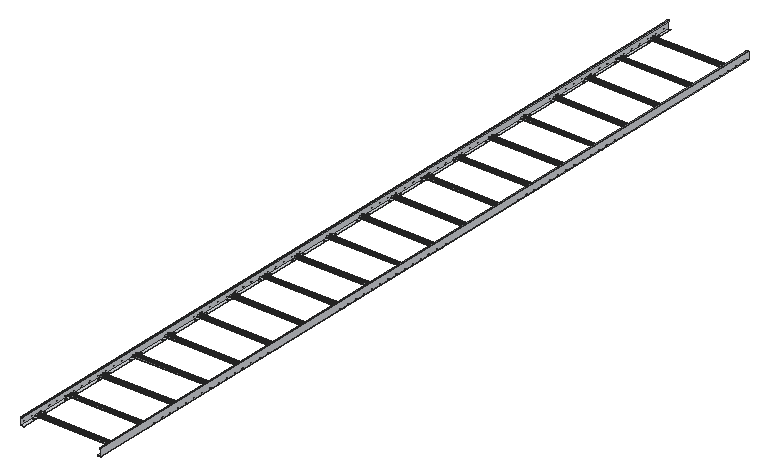
Revit family "Kabelleiter,Sprosse gelocht, geschweißt-LCIS 660 6 FS,FT,A2,A4", category Generic Models, Revit 2017 (continued)
Forms (mm)
  Extrusion 162, solid, material "Stainless steel, A4" <- "Material"
    sketch origin (0, 0, 0) x (0, 1, 0) y (0, 0, 1)
      loop
        line (141.515, 14) -> (135.3, 14)
        arc (135.3, 14) -> (133.32, 13.18) -> (132.5, 11.2) r 2.8
        line (132.5, 11.2) -> (132.5, 4.23)
        arc (132.5, 4.23) -> (133.32, 2.25) -> (135.3, 1.43) r 2.8
        line (135.3, 1.43) -> (157.968, 1.43) -> (164.7, 1.43)
        arc (164.7, 1.43) -> (166.68, 2.25) -> (167.5, 4.23) r 2.8
        line (167.5, 4.23) -> (167.5, 11.2)
        arc (167.5, 11.2) -> (166.68, 13.18) -> (164.7, 14) r 2.8
        line (164.7, 14) -> (158.475, 14) -> (158.475, 12.5) -> (164.5, 12.5)
        arc (164.5, 12.5) -> (165.561, 12.061) -> (166, 11) r 1.5
        line (166, 11) -> (166, 4.43)
        arc (166, 4.43) -> (165.561, 3.37) -> (164.5, 2.93) r 1.5
        line (164.5, 2.93) -> (157.968, 2.93) -> (135.5, 2.93)
        arc (135.5, 2.93) -> (134.439, 3.37) -> (134, 4.43) r 1.5
        line (134, 4.43) -> (134, 11)
        arc (134, 11) -> (134.439, 12.061) -> (135.5, 12.5) r 1.5
        line (135.5, 12.5) -> (141.515, 12.5) -> (141.515, 14)
    from -298.5 to 298.5
  Extrusion 163, void, not visible
    sketch origin (0, 0, 0) x (1, 0, 0) y (0, 1, 0)
      loop
        arc (-264.5, 148.5) -> (-260, 144) -> (-255.5, 148.5) r 4.5
        line (-255.5, 148.5) -> (-255.5, 151.5)
        arc (-255.5, 151.5) -> (-260, 156) -> (-264.5, 151.5) r 4.5
        line (-264.5, 151.5) -> (-264.5, 148.5)
    from 1.384 to 2.927
  Extrusion 164, solid, not visible
    sketch origin (0, 0, 0) x (0, 1, 0) y (0, 0, 1)
      loop
        line (141.515, 14) -> (135.3, 14)
        arc (135.3, 14) -> (133.32, 13.18) -> (132.5, 11.2) r 2.8
        line (132.5, 11.2) -> (132.5, 4.23)
        arc (132.5, 4.23) -> (133.32, 2.25) -> (135.3, 1.43) r 2.8
        line (135.3, 1.43) -> (157.968, 1.43) -> (164.7, 1.43)
        arc (164.7, 1.43) -> (166.68, 2.25) -> (167.5, 4.23) r 2.8
        line (167.5, 4.23) -> (167.5, 11.2)
        arc (167.5, 11.2) -> (166.68, 13.18) -> (164.7, 14) r 2.8
        line (164.7, 14) -> (158.475, 14) -> (158.475, 12.5) -> (164.5, 12.5)
        arc (164.5, 12.5) -> (165.561, 12.061) -> (166, 11) r 1.5
        line (166, 11) -> (166, 4.43)
        arc (166, 4.43) -> (165.561, 3.37) -> (164.5, 2.93) r 1.5
        line (164.5, 2.93) -> (157.968, 2.93) -> (135.5, 2.93)
        arc (135.5, 2.93) -> (134.439, 3.37) -> (134, 4.43) r 1.5
        line (134, 4.43) -> (134, 11)
        arc (134, 11) -> (134.439, 12.061) -> (135.5, 12.5) r 1.5
        line (135.5, 12.5) -> (141.515, 12.5) -> (141.515, 14)
    from -298.5 to 298.5
  Extrusion 165, solid, not visible
    sketch origin (0, 0, 0) x (0, 1, 0) y (0, 0, 1)
      loop
        line (141.515, 14) -> (135.3, 14)
        arc (135.3, 14) -> (133.32, 13.18) -> (132.5, 11.2) r 2.8
        line (132.5, 11.2) -> (132.5, 4.23)
        arc (132.5, 4.23) -> (133.32, 2.25) -> (135.3, 1.43) r 2.8
        line (135.3, 1.43) -> (157.968, 1.43) -> (164.7, 1.43)
        arc (164.7, 1.43) -> (166.68, 2.25) -> (167.5, 4.23) r 2.8
        line (167.5, 4.23) -> (167.5, 11.2)
        arc (167.5, 11.2) -> (166.68, 13.18) -> (164.7, 14) r 2.8
        line (164.7, 14) -> (158.475, 14) -> (158.475, 12.5) -> (164.5, 12.5)
        arc (164.5, 12.5) -> (165.561, 12.061) -> (166, 11) r 1.5
        line (166, 11) -> (166, 4.43)
        arc (166, 4.43) -> (165.561, 3.37) -> (164.5, 2.93) r 1.5
        line (164.5, 2.93) -> (157.968, 2.93) -> (135.5, 2.93)
        arc (135.5, 2.93) -> (134.439, 3.37) -> (134, 4.43) r 1.5
        line (134, 4.43) -> (134, 11)
        arc (134, 11) -> (134.439, 12.061) -> (135.5, 12.5) r 1.5
        line (135.5, 12.5) -> (141.515, 12.5) -> (141.515, 14)
    from -298.5 to 298.5
  Extrusion 166, void, not visible
    sketch origin (0, 0, 0) x (1, 0, 0) y (0, 1, 0)
      loop
        arc (-264.5, 148.5) -> (-260, 144) -> (-255.5, 148.5) r 4.5
        line (-255.5, 148.5) -> (-255.5, 151.5)
        arc (-255.5, 151.5) -> (-260, 156) -> (-264.5, 151.5) r 4.5
        line (-264.5, 151.5) -> (-264.5, 148.5)
    from 1.384 to 2.927
  Extrusion 167, void, not visible
    sketch origin (520, 0, 0) x (1, 0, 0) y (0, 1, 0)
      loop
        arc (-264.5, 148.5) -> (-260, 144) -> (-255.5, 148.5) r 4.5
        line (-255.5, 148.5) -> (-255.5, 151.5)
        arc (-255.5, 151.5) -> (-260, 156) -> (-264.5, 151.5) r 4.5
        line (-264.5, 151.5) -> (-264.5, 148.5)
    from 1.384 to 2.927
  Extrusion 168, void
    sketch origin (0, 0, 0) x (1, 0, 0) y (0, 1, 0)
      loop
        arc (-264.5, 148.475) -> (-260, 143.975) -> (-255.5, 148.475) r 4.5
        line (-255.5, 148.475) -> (-255.5, 151.475)
        arc (-255.5, 151.475) -> (-260, 155.975) -> (-264.5, 151.475) r 4.5
        line (-264.5, 151.475) -> (-264.5, 148.475)
      loop
        arc (-244, 157.975) -> (-244.354, 157.828) -> (-244.5, 157.475) r 0.5
        line (-244.5, 157.475) -> (-244.5, 142.515)
        arc (-244.5, 142.515) -> (-244.354, 142.162) -> (-244, 142.015) r 0.5
        line (-244, 142.015) -> (-236, 142.015)
        arc (-236, 142.015) -> (-235.646, 142.162) -> (-235.5, 142.515) r 0.5
        line (-235.5, 142.515) -> (-235.5, 157.446)
        arc (-235.5, 157.446) -> (-235.655, 157.82) -> (-236.029, 157.975) r 0.529
        line (-236.029, 157.975) -> (-244, 157.975)
      loop
        arc (-222.967, 157.975) -> (-223.321, 157.828) -> (-223.467, 157.475) r 0.5
        line (-223.467, 157.475) -> (-223.467, 142.515)
        arc (-223.467, 142.515) -> (-223.321, 142.162) -> (-222.967, 142.015) r 0.5
        line (-222.967, 142.015) -> (-216.967, 142.015)
        arc (-216.967, 142.015) -> (-216.614, 142.162) -> (-216.467, 142.515) r 0.5
        line (-216.467, 142.515) -> (-216.467, 157.475)
        arc (-216.467, 157.475) -> (-216.614, 157.828) -> (-216.967, 157.975) r 0.5
        line (-216.967, 157.975) -> (-222.967, 157.975)
      loop
        arc (-205, 157.975) -> (-205.354, 157.828) -> (-205.5, 157.475) r 0.5
        line (-205.5, 157.475) -> (-205.5, 142.515)
        arc (-205.5, 142.515) -> (-205.354, 142.162) -> (-205, 142.015) r 0.5
        line (-205, 142.015) -> (-195, 142.015)
        arc (-195, 142.015) -> (-194.646, 142.162) -> (-194.5, 142.515) r 0.5
        line (-194.5, 142.515) -> (-194.5, 157.475)
        arc (-194.5, 157.475) -> (-194.646, 157.828) -> (-195, 157.975) r 0.5
        line (-195, 157.975) -> (-205, 157.975)
      loop
        arc (-183, 157.975) -> (-183.354, 157.828) -> (-183.5, 157.475) r 0.5
        line (-183.5, 157.475) -> (-183.5, 142.515)
        arc (-183.5, 142.515) -> (-183.354, 142.162) -> (-183, 142.015) r 0.5
        line (-183, 142.015) -> (-177, 142.015)
        arc (-177, 142.015) -> (-176.646, 142.162) -> (-176.5, 142.515) r 0.5
        line (-176.5, 142.515) -> (-176.5, 157.475)
        arc (-176.5, 157.475) -> (-176.646, 157.828) -> (-177, 157.975) r 0.5
        line (-177, 157.975) -> (-183, 157.975)
      loop
        arc (-165, 157.975) -> (-165.354, 157.828) -> (-165.5, 157.475) r 0.5
        line (-165.5, 157.475) -> (-165.5, 142.515)
        arc (-165.5, 142.515) -> (-165.354, 142.162) -> (-165, 142.015) r 0.5
        line (-165, 142.015) -> (-155, 142.015)
        arc (-155, 142.015) -> (-154.646, 142.162) -> (-154.5, 142.515) r 0.5
        line (-154.5, 142.515) -> (-154.5, 157.475)
        arc (-154.5, 157.475) -> (-154.646, 157.828) -> (-155, 157.975) r 0.5
        line (-155, 157.975) -> (-165, 157.975)
      loop
        arc (-145, 157.975) -> (-145.354, 157.828) -> (-145.5, 157.475) r 0.5
        line (-145.5, 157.475) -> (-145.5, 142.515)
        arc (-145.5, 142.515) -> (-145.354, 142.162) -> (-145, 142.015) r 0.5
        line (-145, 142.015) -> (-135, 142.015)
        arc (-135, 142.015) -> (-134.646, 142.162) -> (-134.5, 142.515) r 0.5
        line (-134.5, 142.515) -> (-134.5, 157.475)
        arc (-134.5, 157.475) -> (-134.646, 157.828) -> (-135, 157.975) r 0.5
        line (-135, 157.975) -> (-145, 157.975)
      loop
        arc (-122.979, 157.975) -> (-123.333, 157.828) -> (-123.479, 157.475) r 0.5
        line (-123.479, 157.475) -> (-123.479, 142.515)
        arc (-123.479, 142.515) -> (-123.333, 142.162) -> (-122.979, 142.015) r 0.5
        line (-122.979, 142.015) -> (-116.979, 142.015)
        arc (-116.979, 142.015) -> (-116.626, 142.162) -> (-116.479, 142.515) r 0.5
        line (-116.479, 142.515) -> (-116.479, 157.475)
        arc (-116.479, 157.475) -> (-116.626, 157.828) -> (-116.979, 157.975) r 0.5
        line (-116.979, 157.975) -> (-122.979, 157.975)
      loop
        arc (-105, 157.975) -> (-105.354, 157.828) -> (-105.5, 157.475) r 0.5
        line (-105.5, 157.475) -> (-105.5, 142.515)
        arc (-105.5, 142.515) -> (-105.354, 142.162) -> (-105, 142.015) r 0.5
        line (-105, 142.015) -> (-95, 142.015)
        arc (-95, 142.015) -> (-94.646, 142.162) -> (-94.5, 142.515) r 0.5
        line (-94.5, 142.515) -> (-94.5, 157.475)
        arc (-94.5, 157.475) -> (-94.646, 157.828) -> (-95, 157.975) r 0.5
        line (-95, 157.975) -> (-105, 157.975)
      loop
        arc (-83, 157.975) -> (-83.354, 157.828) -> (-83.5, 157.475) r 0.5
        line (-83.5, 157.475) -> (-83.5, 142.515)
        arc (-83.5, 142.515) -> (-83.354, 142.162) -> (-83, 142.015) r 0.5
        line (-83, 142.015) -> (-77, 142.015)
        arc (-77, 142.015) -> (-76.646, 142.162) -> (-76.5, 142.515) r 0.5
        line (-76.5, 142.515) -> (-76.5, 157.475)
        arc (-76.5, 157.475) -> (-76.646, 157.828) -> (-77, 157.975) r 0.5
        line (-77, 157.975) -> (-83, 157.975)
      loop
        arc (-65, 157.975) -> (-65.354, 157.828) -> (-65.5, 157.475) r 0.5
        line (-65.5, 157.475) -> (-65.5, 142.515)
        arc (-65.5, 142.515) -> (-65.354, 142.162) -> (-65, 142.015) r 0.5
        line (-65, 142.015) -> (-55, 142.015)
        arc (-55, 142.015) -> (-54.646, 142.162) -> (-54.5, 142.515) r 0.5
        line (-54.5, 142.515) -> (-54.5, 157.475)
        arc (-54.5, 157.475) -> (-54.646, 157.828) -> (-55, 157.975) r 0.5
        line (-55, 157.975) -> (-65, 157.975)
      loop
        arc (-45, 157.975) -> (-45.354, 157.828) -> (-45.5, 157.475) r 0.5
        line (-45.5, 157.475) -> (-45.5, 142.515)
        arc (-45.5, 142.515) -> (-45.354, 142.162) -> (-45, 142.015) r 0.5
        line (-45, 142.015) -> (-35, 142.015)
        arc (-35, 142.015) -> (-34.646, 142.162) -> (-34.5, 142.515) r 0.5
        line (-34.5, 142.515) -> (-34.5, 157.475)
        arc (-34.5, 157.475) -> (-34.646, 157.828) -> (-35, 157.975) r 0.5
        line (-35, 157.975) -> (-45, 157.975)
      loop
        arc (-23, 157.975) -> (-23.354, 157.828) -> (-23.5, 157.475) r 0.5
        line (-23.5, 157.475) -> (-23.5, 142.515)
        arc (-23.5, 142.515) -> (-23.354, 142.162) -> (-23, 142.015) r 0.5
        line (-23, 142.015) -> (-17, 142.015)
        arc (-17, 142.015) -> (-16.646, 142.162) -> (-16.5, 142.515) r 0.5
        line (-16.5, 142.515) -> (-16.5, 157.475)
        arc (-16.5, 157.475) -> (-16.646, 157.828) -> (-17, 157.975) r 0.5
        line (-17, 157.975) -> (-23, 157.975)
      loop
        arc (-5, 157.975) -> (-5.354, 157.828) -> (-5.5, 157.475) r 0.5
        line (-5.5, 157.475) -> (-5.5, 142.515)
        arc (-5.5, 142.515) -> (-5.354, 142.162) -> (-5, 142.015) r 0.5
        line (-5, 142.015) -> (5, 142.015)
        arc (5, 142.015) -> (5.354, 142.162) -> (5.5, 142.515) r 0.5
        line (5.5, 142.515) -> (5.5, 157.475)
        arc (5.5, 157.475) -> (5.354, 157.828) -> (5, 157.975) r 0.5
        line (5, 157.975) -> (-5, 157.975)
      loop
        arc (17.02, 157.975) -> (16.666, 157.828) -> (16.52, 157.475) r 0.5
        line (16.52, 157.475) -> (16.52, 142.515)
        arc (16.52, 142.515) -> (16.666, 142.162) -> (17.02, 142.015) r 0.5
        line (17.02, 142.015) -> (23.02, 142.015)
        arc (23.02, 142.015) -> (23.373, 142.162) -> (23.52, 142.515) r 0.5
        line (23.52, 142.515) -> (23.52, 157.475)
        arc (23.52, 157.475) -> (23.373, 157.828) -> (23.02, 157.975) r 0.5
        line (23.02, 157.975) -> (17.02, 157.975)
      loop
        arc (35, 157.975) -> (34.646, 157.828) -> (34.5, 157.475) r 0.5
        line (34.5, 157.475) -> (34.5, 142.515)
        arc (34.5, 142.515) -> (34.646, 142.162) -> (35, 142.015) r 0.5
        line (35, 142.015) -> (45, 142.015)
        arc (45, 142.015) -> (45.354, 142.162) -> (45.5, 142.515) r 0.5
        line (45.5, 142.515) -> (45.5, 157.475)
        arc (45.5, 157.475) -> (45.354, 157.828) -> (45, 157.975) r 0.5
        line (45, 157.975) -> (35, 157.975)
      loop
        arc (55, 157.975) -> (54.646, 157.828) -> (54.5, 157.475) r 0.5
        line (54.5, 157.475) -> (54.5, 142.515)
        arc (54.5, 142.515) -> (54.646, 142.162) -> (55, 142.015) r 0.5
        line (55, 142.015) -> (65, 142.015)
        arc (65, 142.015) -> (65.354, 142.162) -> (65.5, 142.515) r 0.5
        line (65.5, 142.515) -> (65.5, 157.475)
        arc (65.5, 157.475) -> (65.354, 157.828) -> (65, 157.975) r 0.5
        line (65, 157.975) -> (55, 157.975)
      loop
        arc (77, 157.975) -> (76.646, 157.828) -> (76.5, 157.475) r 0.5
        line (76.5, 157.475) -> (76.5, 142.515)
        arc (76.5, 142.515) -> (76.646, 142.162) -> (77, 142.015) r 0.5
        line (77, 142.015) -> (83, 142.015)
        arc (83, 142.015) -> (83.354, 142.162) -> (83.5, 142.515) r 0.5
        line (83.5, 142.515) -> (83.5, 157.475)
        arc (83.5, 157.475) -> (83.354, 157.828) -> (83, 157.975) r 0.5
        line (83, 157.975) -> (77, 157.975)
      loop
        arc (95, 157.975) -> (94.646, 157.828) -> (94.5, 157.475) r 0.5
        line (94.5, 157.475) -> (94.5, 142.515)
        arc (94.5, 142.515) -> (94.646, 142.162) -> (95, 142.015) r 0.5
        line (95, 142.015) -> (105, 142.015)
        arc (105, 142.015) -> (105.354, 142.162) -> (105.5, 142.515) r 0.5
        line (105.5, 142.515) -> (105.5, 157.475)
        arc (105.5, 157.475) -> (105.354, 157.828) -> (105, 157.975) r 0.5
        line (105, 157.975) -> (95, 157.975)
      loop
        arc (117, 157.975) -> (116.646, 157.828) -> (116.5, 157.475) r 0.5
        line (116.5, 157.475) -> (116.5, 142.515)
        arc (116.5, 142.515) -> (116.646, 142.162) -> (117, 142.015) r 0.5
        line (117, 142.015) -> (123, 142.015)
        arc (123, 142.015) -> (123.354, 142.162) -> (123.5, 142.515) r 0.5
        line (123.5, 142.515) -> (123.5, 157.475)
        arc (123.5, 157.475) -> (123.354, 157.828) -> (123, 157.975) r 0.5
        line (123, 157.975) -> (117, 157.975)
      loop
        arc (135, 157.975) -> (134.646, 157.828) -> (134.5, 157.475) r 0.5
        line (134.5, 157.475) -> (134.5, 142.545)
        arc (134.5, 142.545) -> (134.655, 142.17) -> (135.03, 142.015) r 0.53
        line (135.03, 142.015) -> (145, 142.015)
        arc (145, 142.015) -> (145.354, 142.162) -> (145.5, 142.515) r 0.5
        line (145.5, 142.515) -> (145.5, 157.475)
        arc (145.5, 157.475) -> (145.354, 157.828) -> (145, 157.975) r 0.5
        line (145, 157.975) -> (135, 157.975)
      loop
        arc (255.5, 148.475) -> (260, 143.975) -> (264.5, 148.475) r 4.5
        line (264.5, 148.475) -> (264.5, 151.475)
        arc (264.5, 151.475) -> (260, 155.975) -> (255.5, 151.475) r 4.5
        line (255.5, 151.475) -> (255.5, 148.475)
      loop
        arc (234.5, 142.515) -> (234.646, 142.162) -> (235, 142.015) r 0.5
        line (235, 142.015) -> (245, 142.015)
        arc (245, 142.015) -> (245.354, 142.162) -> (245.5, 142.515) r 0.5
        line (245.5, 142.515) -> (245.5, 157.475)
        arc (245.5, 157.475) -> (245.354, 157.828) -> (245, 157.975) r 0.5
        line (245, 157.975) -> (235, 157.975)
        arc (235, 157.975) -> (234.646, 157.828) -> (234.5, 157.475) r 0.5
        line (234.5, 157.475) -> (234.5, 142.515)
      loop
        arc (217, 157.975) -> (216.646, 157.828) -> (216.5, 157.475) r 0.5
        line (216.5, 157.475) -> (216.5, 142.529)
        arc (216.5, 142.529) -> (216.65, 142.166) -> (217.013, 142.015) r 0.513
        line (217.013, 142.015) -> (223, 142.015)
        arc (223, 142.015) -> (223.354, 142.162) -> (223.5, 142.515) r 0.5
        line (223.5, 142.515) -> (223.5, 157.475)
        arc (223.5, 157.475) -> (223.354, 157.828) -> (223, 157.975) r 0.5
        line (223, 157.975) -> (217, 157.975)
      loop
        arc (195, 157.975) -> (194.646, 157.828) -> (194.5, 157.475) r 0.5
        line (194.5, 157.475) -> (194.5, 142.515)
        arc (194.5, 142.515) -> (194.646, 142.162) -> (195, 142.015) r 0.5
        line (195, 142.015) -> (205, 142.015)
        arc (205, 142.015) -> (205.354, 142.162) -> (205.5, 142.515) r 0.5
        line (205.5, 142.515) -> (205.5, 157.475)
        arc (205.5, 157.475) -> (205.354, 157.828) -> (205, 157.975) r 0.5
        line (205, 157.975) -> (195, 157.975)
      loop
        arc (177, 157.975) -> (176.646, 157.828) -> (176.5, 157.475) r 0.5
        line (176.5, 157.475) -> (176.5, 142.515)
        arc (176.5, 142.515) -> (176.646, 142.162) -> (177, 142.015) r 0.5
        line (177, 142.015) -> (183, 142.015)
        arc (183, 142.015) -> (183.354, 142.162) -> (183.5, 142.515) r 0.5
        line (183.5, 142.515) -> (183.5, 157.475)
        arc (183.5, 157.475) -> (183.354, 157.828) -> (183, 157.975) r 0.5
        line (183, 157.975) -> (177, 157.975)
      loop
        arc (155, 157.975) -> (154.646, 157.828) -> (154.5, 157.475) r 0.5
        line (154.5, 157.475) -> (154.5, 142.015)
        arc (154.5, 142.015) -> (154.646, 141.662) -> (155, 141.515) r 0.5
        line (155, 141.515) -> (165, 141.515)
        arc (165, 141.515) -> (165.354, 141.662) -> (165.5, 142.015) r 0.5
        line (165.5, 142.015) -> (165.5, 157.475)
        arc (165.5, 157.475) -> (165.354, 157.828) -> (165, 157.975) r 0.5
        line (165, 157.975) -> (155, 157.975)
    from 1.441 to 2.93
  Extrusion 169, solid, material "Stainless steel, A4" <- "Material"
    sketch origin (0, 300, 0) x (0, 1, 0) y (0, 0, 1)
      loop
        line (141.515, 14) -> (135.3, 14)
        arc (135.3, 14) -> (133.32, 13.18) -> (132.5, 11.2) r 2.8
        line (132.5, 11.2) -> (132.5, 4.23)
        arc (132.5, 4.23) -> (133.32, 2.25) -> (135.3, 1.43) r 2.8
        line (135.3, 1.43) -> (157.968, 1.43) -> (164.7, 1.43)
        arc (164.7, 1.43) -> (166.68, 2.25) -> (167.5, 4.23) r 2.8
        line (167.5, 4.23) -> (167.5, 11.2)
        arc (167.5, 11.2) -> (166.68, 13.18) -> (164.7, 14) r 2.8
        line (164.7, 14) -> (158.475, 14) -> (158.475, 12.5) -> (164.5, 12.5)
        arc (164.5, 12.5) -> (165.561, 12.061) -> (166, 11) r 1.5
        line (166, 11) -> (166, 4.43)
        arc (166, 4.43) -> (165.561, 3.37) -> (164.5, 2.93) r 1.5
        line (164.5, 2.93) -> (157.968, 2.93) -> (135.5, 2.93)
        arc (135.5, 2.93) -> (134.439, 3.37) -> (134, 4.43) r 1.5
        line (134, 4.43) -> (134, 11)
        arc (134, 11) -> (134.439, 12.061) -> (135.5, 12.5) r 1.5
        line (135.5, 12.5) -> (141.515, 12.5) -> (141.515, 14)
    from -298.5 to 298.5
  Extrusion 170, void
    sketch origin (0, 300, 0) x (1, 0, 0) y (0, 1, 0)
      loop
        arc (-264.5, 148.475) -> (-260, 143.975) -> (-255.5, 148.475) r 4.5
        line (-255.5, 148.475) -> (-255.5, 151.475)
        arc (-255.5, 151.475) -> (-260, 155.975) -> (-264.5, 151.475) r 4.5
        line (-264.5, 151.475) -> (-264.5, 148.475)
      loop
        arc (-244, 157.975) -> (-244.354, 157.828) -> (-244.5, 157.475) r 0.5
        line (-244.5, 157.475) -> (-244.5, 142.515)
        arc (-244.5, 142.515) -> (-244.354, 142.162) -> (-244, 142.015) r 0.5
        line (-244, 142.015) -> (-236, 142.015)
        arc (-236, 142.015) -> (-235.646, 142.162) -> (-235.5, 142.515) r 0.5
        line (-235.5, 142.515) -> (-235.5, 157.446)
        arc (-235.5, 157.446) -> (-235.655, 157.82) -> (-236.029, 157.975) r 0.529
        line (-236.029, 157.975) -> (-244, 157.975)
      loop
        arc (-222.967, 157.975) -> (-223.321, 157.828) -> (-223.467, 157.475) r 0.5
        line (-223.467, 157.475) -> (-223.467, 142.515)
        arc (-223.467, 142.515) -> (-223.321, 142.162) -> (-222.967, 142.015) r 0.5
        line (-222.967, 142.015) -> (-216.967, 142.015)
        arc (-216.967, 142.015) -> (-216.614, 142.162) -> (-216.467, 142.515) r 0.5
        line (-216.467, 142.515) -> (-216.467, 157.475)
        arc (-216.467, 157.475) -> (-216.614, 157.828) -> (-216.967, 157.975) r 0.5
        line (-216.967, 157.975) -> (-222.967, 157.975)
      loop
        arc (-205, 157.975) -> (-205.354, 157.828) -> (-205.5, 157.475) r 0.5
        line (-205.5, 157.475) -> (-205.5, 142.515)
        arc (-205.5, 142.515) -> (-205.354, 142.162) -> (-205, 142.015) r 0.5
        line (-205, 142.015) -> (-195, 142.015)
        arc (-195, 142.015) -> (-194.646, 142.162) -> (-194.5, 142.515) r 0.5
        line (-194.5, 142.515) -> (-194.5, 157.475)
        arc (-194.5, 157.475) -> (-194.646, 157.828) -> (-195, 157.975) r 0.5
        line (-195, 157.975) -> (-205, 157.975)
      loop
        arc (-183, 157.975) -> (-183.354, 157.828) -> (-183.5, 157.475) r 0.5
        line (-183.5, 157.475) -> (-183.5, 142.515)
        arc (-183.5, 142.515) -> (-183.354, 142.162) -> (-183, 142.015) r 0.5
        line (-183, 142.015) -> (-177, 142.015)
        arc (-177, 142.015) -> (-176.646, 142.162) -> (-176.5, 142.515) r 0.5
        line (-176.5, 142.515) -> (-176.5, 157.475)
        arc (-176.5, 157.475) -> (-176.646, 157.828) -> (-177, 157.975) r 0.5
        line (-177, 157.975) -> (-183, 157.975)
      loop
        arc (-165, 157.975) -> (-165.354, 157.828) -> (-165.5, 157.475) r 0.5
        line (-165.5, 157.475) -> (-165.5, 142.515)
        arc (-165.5, 142.515) -> (-165.354, 142.162) -> (-165, 142.015) r 0.5
        line (-165, 142.015) -> (-155, 142.015)
        arc (-155, 142.015) -> (-154.646, 142.162) -> (-154.5, 142.515) r 0.5
        line (-154.5, 142.515) -> (-154.5, 157.475)
        arc (-154.5, 157.475) -> (-154.646, 157.828) -> (-155, 157.975) r 0.5
        line (-155, 157.975) -> (-165, 157.975)
      loop
        arc (-145, 157.975) -> (-145.354, 157.828) -> (-145.5, 157.475) r 0.5
        line (-145.5, 157.475) -> (-145.5, 142.515)
        arc (-145.5, 142.515) -> (-145.354, 142.162) -> (-145, 142.015) r 0.5
        line (-145, 142.015) -> (-135, 142.015)
        arc (-135, 142.015) -> (-134.646, 142.162) -> (-134.5, 142.515) r 0.5
        line (-134.5, 142.515) -> (-134.5, 157.475)
        arc (-134.5, 157.475) -> (-134.646, 157.828) -> (-135, 157.975) r 0.5
        line (-135, 157.975) -> (-145, 157.975)
      loop
        arc (-122.979, 157.975) -> (-123.333, 157.828) -> (-123.479, 157.475) r 0.5
        line (-123.479, 157.475) -> (-123.479, 142.515)
        arc (-123.479, 142.515) -> (-123.333, 142.162) -> (-122.979, 142.015) r 0.5
        line (-122.979, 142.015) -> (-116.979, 142.015)
        arc (-116.979, 142.015) -> (-116.626, 142.162) -> (-116.479, 142.515) r 0.5
        line (-116.479, 142.515) -> (-116.479, 157.475)
        arc (-116.479, 157.475) -> (-116.626, 157.828) -> (-116.979, 157.975) r 0.5
        line (-116.979, 157.975) -> (-122.979, 157.975)
      loop
        arc (-105, 157.975) -> (-105.354, 157.828) -> (-105.5, 157.475) r 0.5
        line (-105.5, 157.475) -> (-105.5, 142.515)
        arc (-105.5, 142.515) -> (-105.354, 142.162) -> (-105, 142.015) r 0.5
        line (-105, 142.015) -> (-95, 142.015)
        arc (-95, 142.015) -> (-94.646, 142.162) -> (-94.5, 142.515) r 0.5
        line (-94.5, 142.515) -> (-94.5, 157.475)
        arc (-94.5, 157.475) -> (-94.646, 157.828) -> (-95, 157.975) r 0.5
        line (-95, 157.975) -> (-105, 157.975)
      loop
        arc (-83, 157.975) -> (-83.354, 157.828) -> (-83.5, 157.475) r 0.5
        line (-83.5, 157.475) -> (-83.5, 142.515)
        arc (-83.5, 142.515) -> (-83.354, 142.162) -> (-83, 142.015) r 0.5
        line (-83, 142.015) -> (-77, 142.015)
        arc (-77, 142.015) -> (-76.646, 142.162) -> (-76.5, 142.515) r 0.5
        line (-76.5, 142.515) -> (-76.5, 157.475)
        arc (-76.5, 157.475) -> (-76.646, 157.828) -> (-77, 157.975) r 0.5
        line (-77, 157.975) -> (-83, 157.975)
      loop
        arc (-65, 157.975) -> (-65.354, 157.828) -> (-65.5, 157.475) r 0.5
        line (-65.5, 157.475) -> (-65.5, 142.515)
        arc (-65.5, 142.515) -> (-65.354, 142.162) -> (-65, 142.015) r 0.5
        line (-65, 142.015) -> (-55, 142.015)
        arc (-55, 142.015) -> (-54.646, 142.162) -> (-54.5, 142.515) r 0.5
        line (-54.5, 142.515) -> (-54.5, 157.475)
        arc (-54.5, 157.475) -> (-54.646, 157.828) -> (-55, 157.975) r 0.5
        line (-55, 157.975) -> (-65, 157.975)
      loop
        arc (-45, 157.975) -> (-45.354, 157.828) -> (-45.5, 157.475) r 0.5
        line (-45.5, 157.475) -> (-45.5, 142.515)
        arc (-45.5, 142.515) -> (-45.354, 142.162) -> (-45, 142.015) r 0.5
        line (-45, 142.015) -> (-35, 142.015)
        arc (-35, 142.015) -> (-34.646, 142.162) -> (-34.5, 142.515) r 0.5
        line (-34.5, 142.515) -> (-34.5, 157.475)
        arc (-34.5, 157.475) -> (-34.646, 157.828) -> (-35, 157.975) r 0.5
        line (-35, 157.975) -> (-45, 157.975)
      loop
        arc (-23, 157.975) -> (-23.354, 157.828) -> (-23.5, 157.475) r 0.5
        line (-23.5, 157.475) -> (-23.5, 142.515)
        arc (-23.5, 142.515) -> (-23.354, 142.162) -> (-23, 142.015) r 0.5
        line (-23, 142.015) -> (-17, 142.015)
        arc (-17, 142.015) -> (-16.646, 142.162) -> (-16.5, 142.515) r 0.5
        line (-16.5, 142.515) -> (-16.5, 157.475)
        arc (-16.5, 157.475) -> (-16.646, 157.828) -> (-17, 157.975) r 0.5
        line (-17, 157.975) -> (-23, 157.975)
      loop
        arc (-5, 157.975) -> (-5.354, 157.828) -> (-5.5, 157.475) r 0.5
        line (-5.5, 157.475) -> (-5.5, 142.515)
        arc (-5.5, 142.515) -> (-5.354, 142.162) -> (-5, 142.015) r 0.5
        line (-5, 142.015) -> (5, 142.015)
        arc (5, 142.015) -> (5.354, 142.162) -> (5.5, 142.515) r 0.5
        line (5.5, 142.515) -> (5.5, 157.475)
        arc (5.5, 157.475) -> (5.354, 157.828) -> (5, 157.975) r 0.5
        line (5, 157.975) -> (-5, 157.975)
      loop
        arc (17.02, 157.975) -> (16.666, 157.828) -> (16.52, 157.475) r 0.5
        line (16.52, 157.475) -> (16.52, 142.515)
        arc (16.52, 142.515) -> (16.666, 142.162) -> (17.02, 142.015) r 0.5
        line (17.02, 142.015) -> (23.02, 142.015)
        arc (23.02, 142.015) -> (23.373, 142.162) -> (23.52, 142.515) r 0.5
        line (23.52, 142.515) -> (23.52, 157.475)
        arc (23.52, 157.475) -> (23.373, 157.828) -> (23.02, 157.975) r 0.5
        line (23.02, 157.975) -> (17.02, 157.975)
      loop
        arc (35, 157.975) -> (34.646, 157.828) -> (34.5, 157.475) r 0.5
        line (34.5, 157.475) -> (34.5, 142.515)
        arc (34.5, 142.515) -> (34.646, 142.162) -> (35, 142.015) r 0.5
        line (35, 142.015) -> (45, 142.015)
        arc (45, 142.015) -> (45.354, 142.162) -> (45.5, 142.515) r 0.5
        line (45.5, 142.515) -> (45.5, 157.475)
        arc (45.5, 157.475) -> (45.354, 157.828) -> (45, 157.975) r 0.5
        line (45, 157.975) -> (35, 157.975)
      loop
        arc (55, 157.975) -> (54.646, 157.828) -> (54.5, 157.475) r 0.5
        line (54.5, 157.475) -> (54.5, 142.515)
        arc (54.5, 142.515) -> (54.646, 142.162) -> (55, 142.015) r 0.5
        line (55, 142.015) -> (65, 142.015)
        arc (65, 142.015) -> (65.354, 142.162) -> (65.5, 142.515) r 0.5
        line (65.5, 142.515) -> (65.5, 157.475)
        arc (65.5, 157.475) -> (65.354, 157.828) -> (65, 157.975) r 0.5
        line (65, 157.975) -> (55, 157.975)
      loop
        arc (77, 157.975) -> (76.646, 157.828) -> (76.5, 157.475) r 0.5
        line (76.5, 157.475) -> (76.5, 142.515)
        arc (76.5, 142.515) -> (76.646, 142.162) -> (77, 142.015) r 0.5
        line (77, 142.015) -> (83, 142.015)
        arc (83, 142.015) -> (83.354, 142.162) -> (83.5, 142.515) r 0.5
        line (83.5, 142.515) -> (83.5, 157.475)
        arc (83.5, 157.475) -> (83.354, 157.828) -> (83, 157.975) r 0.5
        line (83, 157.975) -> (77, 157.975)
      loop
        arc (95, 157.975) -> (94.646, 157.828) -> (94.5, 157.475) r 0.5
        line (94.5, 157.475) -> (94.5, 142.515)
        arc (94.5, 142.515) -> (94.646, 142.162) -> (95, 142.015) r 0.5
        line (95, 142.015) -> (105, 142.015)
        arc (105, 142.015) -> (105.354, 142.162) -> (105.5, 142.515) r 0.5
        line (105.5, 142.515) -> (105.5, 157.475)
        arc (105.5, 157.475) -> (105.354, 157.828) -> (105, 157.975) r 0.5
        line (105, 157.975) -> (95, 157.975)
      loop
        arc (117, 157.975) -> (116.646, 157.828) -> (116.5, 157.475) r 0.5
        line (116.5, 157.475) -> (116.5, 142.515)
        arc (116.5, 142.515) -> (116.646, 142.162) -> (117, 142.015) r 0.5
        line (117, 142.015) -> (123, 142.015)
        arc (123, 142.015) -> (123.354, 142.162) -> (123.5, 142.515) r 0.5
        line (123.5, 142.515) -> (123.5, 157.475)
        arc (123.5, 157.475) -> (123.354, 157.828) -> (123, 157.975) r 0.5
        line (123, 157.975) -> (117, 157.975)
      loop
        arc (135, 157.975) -> (134.646, 157.828) -> (134.5, 157.475) r 0.5
        line (134.5, 157.475) -> (134.5, 142.545)
        arc (134.5, 142.545) -> (134.655, 142.17) -> (135.03, 142.015) r 0.53
        line (135.03, 142.015) -> (145, 142.015)
        arc (145, 142.015) -> (145.354, 142.162) -> (145.5, 142.515) r 0.5
        line (145.5, 142.515) -> (145.5, 157.475)
        arc (145.5, 157.475) -> (145.354, 157.828) -> (145, 157.975) r 0.5
        line (145, 157.975) -> (135, 157.975)
      loop
        arc (255.5, 148.475) -> (260, 143.975) -> (264.5, 148.475) r 4.5
        line (264.5, 148.475) -> (264.5, 151.475)
        arc (264.5, 151.475) -> (260, 155.975) -> (255.5, 151.475) r 4.5
        line (255.5, 151.475) -> (255.5, 148.475)
      loop
        arc (234.5, 142.515) -> (234.646, 142.162) -> (235, 142.015) r 0.5
        line (235, 142.015) -> (245, 142.015)
        arc (245, 142.015) -> (245.354, 142.162) -> (245.5, 142.515) r 0.5
        line (245.5, 142.515) -> (245.5, 157.475)
        arc (245.5, 157.475) -> (245.354, 157.828) -> (245, 157.975) r 0.5
        line (245, 157.975) -> (235, 157.975)
        arc (235, 157.975) -> (234.646, 157.828) -> (234.5, 157.475) r 0.5
        line (234.5, 157.475) -> (234.5, 142.515)
      loop
        arc (217, 157.975) -> (216.646, 157.828) -> (216.5, 157.475) r 0.5
        line (216.5, 157.475) -> (216.5, 142.529)
        arc (216.5, 142.529) -> (216.65, 142.166) -> (217.013, 142.015) r 0.513
        line (217.013, 142.015) -> (223, 142.015)
        arc (223, 142.015) -> (223.354, 142.162) -> (223.5, 142.515) r 0.5
        line (223.5, 142.515) -> (223.5, 157.475)
        arc (223.5, 157.475) -> (223.354, 157.828) -> (223, 157.975) r 0.5
        line (223, 157.975) -> (217, 157.975)
      loop
        arc (195, 157.975) -> (194.646, 157.828) -> (194.5, 157.475) r 0.5
        line (194.5, 157.475) -> (194.5, 142.515)
        arc (194.5, 142.515) -> (194.646, 142.162) -> (195, 142.015) r 0.5
        line (195, 142.015) -> (205, 142.015)
        arc (205, 142.015) -> (205.354, 142.162) -> (205.5, 142.515) r 0.5
        line (205.5, 142.515) -> (205.5, 157.475)
        arc (205.5, 157.475) -> (205.354, 157.828) -> (205, 157.975) r 0.5
        line (205, 157.975) -> (195, 157.975)
      loop
        arc (177, 157.975) -> (176.646, 157.828) -> (176.5, 157.475) r 0.5
        line (176.5, 157.475) -> (176.5, 142.515)
        arc (176.5, 142.515) -> (176.646, 142.162) -> (177, 142.015) r 0.5
        line (177, 142.015) -> (183, 142.015)
        arc (183, 142.015) -> (183.354, 142.162) -> (183.5, 142.515) r 0.5
        line (183.5, 142.515) -> (183.5, 157.475)
        arc (183.5, 157.475) -> (183.354, 157.828) -> (183, 157.975) r 0.5
        line (183, 157.975) -> (177, 157.975)
      loop
        arc (155, 157.975) -> (154.646, 157.828) -> (154.5, 157.475) r 0.5
        line (154.5, 157.475) -> (154.5, 142.015)
        arc (154.5, 142.015) -> (154.646, 141.662) -> (155, 141.515) r 0.5
        line (155, 141.515) -> (165, 141.515)
        arc (165, 141.515) -> (165.354, 141.662) -> (165.5, 142.015) r 0.5
        line (165.5, 142.015) -> (165.5, 157.475)
        arc (165.5, 157.475) -> (165.354, 157.828) -> (165, 157.975) r 0.5
        line (165, 157.975) -> (155, 157.975)
    from 1.441 to 2.93
  Extrusion 171, solid, material "Stainless steel, A4" <- "Material"
    sketch origin (0, 600, 0) x (0, 1, 0) y (0, 0, 1)
      loop
        line (141.515, 14) -> (135.3, 14)
        arc (135.3, 14) -> (133.32, 13.18) -> (132.5, 11.2) r 2.8
        line (132.5, 11.2) -> (132.5, 4.23)
        arc (132.5, 4.23) -> (133.32, 2.25) -> (135.3, 1.43) r 2.8
        line (135.3, 1.43) -> (157.968, 1.43) -> (164.7, 1.43)
        arc (164.7, 1.43) -> (166.68, 2.25) -> (167.5, 4.23) r 2.8
        line (167.5, 4.23) -> (167.5, 11.2)
        arc (167.5, 11.2) -> (166.68, 13.18) -> (164.7, 14) r 2.8
        line (164.7, 14) -> (158.475, 14) -> (158.475, 12.5) -> (164.5, 12.5)
        arc (164.5, 12.5) -> (165.561, 12.061) -> (166, 11) r 1.5
        line (166, 11) -> (166, 4.43)
        arc (166, 4.43) -> (165.561, 3.37) -> (164.5, 2.93) r 1.5
        line (164.5, 2.93) -> (157.968, 2.93) -> (135.5, 2.93)
        arc (135.5, 2.93) -> (134.439, 3.37) -> (134, 4.43) r 1.5
        line (134, 4.43) -> (134, 11)
        arc (134, 11) -> (134.439, 12.061) -> (135.5, 12.5) r 1.5
        line (135.5, 12.5) -> (141.515, 12.5) -> (141.515, 14)
    from -298.5 to 298.5
  Extrusion 172, void
    sketch origin (0, 600, 0) x (1, 0, 0) y (0, 1, 0)
      loop
        arc (-264.5, 148.475) -> (-260, 143.975) -> (-255.5, 148.475) r 4.5
        line (-255.5, 148.475) -> (-255.5, 151.475)
        arc (-255.5, 151.475) -> (-260, 155.975) -> (-264.5, 151.475) r 4.5
        line (-264.5, 151.475) -> (-264.5, 148.475)
      loop
        arc (-244, 157.975) -> (-244.354, 157.828) -> (-244.5, 157.475) r 0.5
        line (-244.5, 157.475) -> (-244.5, 142.515)
        arc (-244.5, 142.515) -> (-244.354, 142.162) -> (-244, 142.015) r 0.5
        line (-244, 142.015) -> (-236, 142.015)
        arc (-236, 142.015) -> (-235.646, 142.162) -> (-235.5, 142.515) r 0.5
        line (-235.5, 142.515) -> (-235.5, 157.446)
        arc (-235.5, 157.446) -> (-235.655, 157.82) -> (-236.029, 157.975) r 0.529
        line (-236.029, 157.975) -> (-244, 157.975)
      loop
        arc (-222.967, 157.975) -> (-223.321, 157.828) -> (-223.467, 157.475) r 0.5
        line (-223.467, 157.475) -> (-223.467, 142.515)
        arc (-223.467, 142.515) -> (-223.321, 142.162) -> (-222.967, 142.015) r 0.5
        line (-222.967, 142.015) -> (-216.967, 142.015)
        arc (-216.967, 142.015) -> (-216.614, 142.162) -> (-216.467, 142.515) r 0.5
        line (-216.467, 142.515) -> (-216.467, 157.475)
        arc (-216.467, 157.475) -> (-216.614, 157.828) -> (-216.967, 157.975) r 0.5
        line (-216.967, 157.975) -> (-222.967, 157.975)
      loop
        arc (-205, 157.975) -> (-205.354, 157.828) -> (-205.5, 157.475) r 0.5
        line (-205.5, 157.475) -> (-205.5, 142.515)
        arc (-205.5, 142.515) -> (-205.354, 142.162) -> (-205, 142.015) r 0.5
        line (-205, 142.015) -> (-195, 142.015)
        arc (-195, 142.015) -> (-194.646, 142.162) -> (-194.5, 142.515) r 0.5
        line (-194.5, 142.515) -> (-194.5, 157.475)
        arc (-194.5, 157.475) -> (-194.646, 157.828) -> (-195, 157.975) r 0.5
        line (-195, 157.975) -> (-205, 157.975)
      loop
        arc (-183, 157.975) -> (-183.354, 157.828) -> (-183.5, 157.475) r 0.5
        line (-183.5, 157.475) -> (-183.5, 142.515)
        arc (-183.5, 142.515) -> (-183.354, 142.162) -> (-183, 142.015) r 0.5
        line (-183, 142.015) -> (-177, 142.015)
        arc (-177, 142.015) -> (-176.646, 142.162) -> (-176.5, 142.515) r 0.5
        line (-176.5, 142.515) -> (-176.5, 157.475)
        arc (-176.5, 157.475) -> (-176.646, 157.828) -> (-177, 157.975) r 0.5
        line (-177, 157.975) -> (-183, 157.975)
      loop
        arc (-165, 157.975) -> (-165.354, 157.828) -> (-165.5, 157.475) r 0.5
        line (-165.5, 157.475) -> (-165.5, 142.515)
        arc (-165.5, 142.515) -> (-165.354, 142.162) -> (-165, 142.015) r 0.5
        line (-165, 142.015) -> (-155, 142.015)
        arc (-155, 142.015) -> (-154.646, 142.162) -> (-154.5, 142.515) r 0.5
        line (-154.5, 142.515) -> (-154.5, 157.475)
        arc (-154.5, 157.475) -> (-154.646, 157.828) -> (-155, 157.975) r 0.5
        line (-155, 157.975) -> (-165, 157.975)
      loop
        arc (-145, 157.975) -> (-145.354, 157.828) -> (-145.5, 157.475) r 0.5
        line (-145.5, 157.475) -> (-145.5, 142.515)
        arc (-145.5, 142.515) -> (-145.354, 142.162) -> (-145, 142.015) r 0.5
        line (-145, 142.015) -> (-135, 142.015)
        arc (-135, 142.015) -> (-134.646, 142.162) -> (-134.5, 142.515) r 0.5
        line (-134.5, 142.515) -> (-134.5, 157.475)
        arc (-134.5, 157.475) -> (-134.646, 157.828) -> (-135, 157.975) r 0.5
        line (-135, 157.975) -> (-145, 157.975)
      loop
        arc (-122.979, 157.975) -> (-123.333, 157.828) -> (-123.479, 157.475) r 0.5
        line (-123.479, 157.475) -> (-123.479, 142.515)
        arc (-123.479, 142.515) -> (-123.333, 142.162) -> (-122.979, 142.015) r 0.5
        line (-122.979, 142.015) -> (-116.979, 142.015)
        arc (-116.979, 142.015) -> (-116.626, 142.162) -> (-116.479, 142.515) r 0.5
        line (-116.479, 142.515) -> (-116.479, 157.475)
        arc (-116.479, 157.475) -> (-116.626, 157.828) -> (-116.979, 157.975) r 0.5
        line (-116.979, 157.975) -> (-122.979, 157.975)
      loop
        arc (-105, 157.975) -> (-105.354, 157.828) -> (-105.5, 157.475) r 0.5
        line (-105.5, 157.475) -> (-105.5, 142.515)
        arc (-105.5, 142.515) -> (-105.354, 142.162) -> (-105, 142.015) r 0.5
        line (-105, 142.015) -> (-95, 142.015)
        arc (-95, 142.015) -> (-94.646, 142.162) -> (-94.5, 142.515) r 0.5
        line (-94.5, 142.515) -> (-94.5, 157.475)
        arc (-94.5, 157.475) -> (-94.646, 157.828) -> (-95, 157.975) r 0.5
        line (-95, 157.975) -> (-105, 157.975)
      loop
        arc (-83, 157.975) -> (-83.354, 157.828) -> (-83.5, 157.475) r 0.5
        line (-83.5, 157.475) -> (-83.5, 142.515)
        arc (-83.5, 142.515) -> (-83.354, 142.162) -> (-83, 142.015) r 0.5
        line (-83, 142.015) -> (-77, 142.015)
        arc (-77, 142.015) -> (-76.646, 142.162) -> (-76.5, 142.515) r 0.5
        line (-76.5, 142.515) -> (-76.5, 157.475)
        arc (-76.5, 157.475) -> (-76.646, 157.828) -> (-77, 157.975) r 0.5
        line (-77, 157.975) -> (-83, 157.975)
      loop
        arc (-65, 157.975) -> (-65.354, 157.828) -> (-65.5, 157.475) r 0.5
        line (-65.5, 157.475) -> (-65.5, 142.515)
        arc (-65.5, 142.515) -> (-65.354, 142.162) -> (-65, 142.015) r 0.5
        line (-65, 142.015) -> (-55, 142.015)
        arc (-55, 142.015) -> (-54.646, 142.162) -> (-54.5, 142.515) r 0.5
        line (-54.5, 142.515) -> (-54.5, 157.475)
        arc (-54.5, 157.475) -> (-54.646, 157.828) -> (-55, 157.975) r 0.5
        line (-55, 157.975) -> (-65, 157.975)
      loop
        arc (-45, 157.975) -> (-45.354, 157.828) -> (-45.5, 157.475) r 0.5
        line (-45.5, 157.475) -> (-45.5, 142.515)
        arc (-45.5, 142.515) -> (-45.354, 142.162) -> (-45, 142.015) r 0.5
        line (-45, 142.015) -> (-35, 142.015)
        arc (-35, 142.015) -> (-34.646, 142.162) -> (-34.5, 142.515) r 0.5
        line (-34.5, 142.515) -> (-34.5, 157.475)
        arc (-34.5, 157.475) -> (-34.646, 157.828) -> (-35, 157.975) r 0.5
        line (-35, 157.975) -> (-45, 157.975)
      loop
        arc (-23, 157.975) -> (-23.354, 157.828) -> (-23.5, 157.475) r 0.5
        line (-23.5, 157.475) -> (-23.5, 142.515)
        arc (-23.5, 142.515) -> (-23.354, 142.162) -> (-23, 142.015) r 0.5
        line (-23, 142.015) -> (-17, 142.015)
        arc (-17, 142.015) -> (-16.646, 142.162) -> (-16.5, 142.515) r 0.5
        line (-16.5, 142.515) -> (-16.5, 157.475)
        arc (-16.5, 157.475) -> (-16.646, 157.828) -> (-17, 157.975) r 0.5
        line (-17, 157.975) -> (-23, 157.975)
      loop
        arc (-5, 157.975) -> (-5.354, 157.828) -> (-5.5, 157.475) r 0.5
        line (-5.5, 157.475) -> (-5.5, 142.515)
        arc (-5.5, 142.515) -> (-5.354, 142.162) -> (-5, 142.015) r 0.5
        line (-5, 142.015) -> (5, 142.015)
        arc (5, 142.015) -> (5.354, 142.162) -> (5.5, 142.515) r 0.5
        line (5.5, 142.515) -> (5.5, 157.475)
        arc (5.5, 157.475) -> (5.354, 157.828) -> (5, 157.975) r 0.5
        line (5, 157.975) -> (-5, 157.975)
      loop
        arc (17.02, 157.975) -> (16.666, 157.828) -> (16.52, 157.475) r 0.5
        line (16.52, 157.475) -> (16.52, 142.515)
        arc (16.52, 142.515) -> (16.666, 142.162) -> (17.02, 142.015) r 0.5
        line (17.02, 142.015) -> (23.02, 142.015)
        arc (23.02, 142.015) -> (23.373, 142.162) -> (23.52, 142.515) r 0.5
        line (23.52, 142.515) -> (23.52, 157.475)
        arc (23.52, 157.475) -> (23.373, 157.828) -> (23.02, 157.975) r 0.5
        line (23.02, 157.975) -> (17.02, 157.975)
      loop
        arc (35, 157.975) -> (34.646, 157.828) -> (34.5, 157.475) r 0.5
        line (34.5, 157.475) -> (34.5, 142.515)
        arc (34.5, 142.515) -> (34.646, 142.162) -> (35, 142.015) r 0.5
        line (35, 142.015) -> (45, 142.015)
        arc (45, 142.015) -> (45.354, 142.162) -> (45.5, 142.515) r 0.5
        line (45.5, 142.515) -> (45.5, 157.475)
        arc (45.5, 157.475) -> (45.354, 157.828) -> (45, 157.975) r 0.5
        line (45, 157.975) -> (35, 157.975)
      loop
        arc (55, 157.975) -> (54.646, 157.828) -> (54.5, 157.475) r 0.5
        line (54.5, 157.475) -> (54.5, 142.515)
        arc (54.5, 142.515) -> (54.646, 142.162) -> (55, 142.015) r 0.5
        line (55, 142.015) -> (65, 142.015)
        arc (65, 142.015) -> (65.354, 142.162) -> (65.5, 142.515) r 0.5
        line (65.5, 142.515) -> (65.5, 157.475)
        arc (65.5, 157.475) -> (65.354, 157.828) -> (65, 157.975) r 0.5
        line (65, 157.975) -> (55, 157.975)
      loop
        arc (77, 157.975) -> (76.646, 157.828) -> (76.5, 157.475) r 0.5
        line (76.5, 157.475) -> (76.5, 142.515)
        arc (76.5, 142.515) -> (76.646, 142.162) -> (77, 142.015) r 0.5
        line (77, 142.015) -> (83, 142.015)
        arc (83, 142.015) -> (83.354, 142.162) -> (83.5, 142.515) r 0.5
        line (83.5, 142.515) -> (83.5, 157.475)
        arc (83.5, 157.475) -> (83.354, 157.828) -> (83, 157.975) r 0.5
        line (83, 157.975) -> (77, 157.975)
      loop
        arc (95, 157.975) -> (94.646, 157.828) -> (94.5, 157.475) r 0.5
        line (94.5, 157.475) -> (94.5, 142.515)
        arc (94.5, 142.515) -> (94.646, 142.162) -> (95, 142.015) r 0.5
        line (95, 142.015) -> (105, 142.015)
        arc (105, 142.015) -> (105.354, 142.162) -> (105.5, 142.515) r 0.5
        line (105.5, 142.515) -> (105.5, 157.475)
        arc (105.5, 157.475) -> (105.354, 157.828) -> (105, 157.975) r 0.5
        line (105, 157.975) -> (95, 157.975)
      loop
        arc (117, 157.975) -> (116.646, 157.828) -> (116.5, 157.475) r 0.5
        line (116.5, 157.475) -> (116.5, 142.515)
        arc (116.5, 142.515) -> (116.646, 142.162) -> (117, 142.015) r 0.5
        line (117, 142.015) -> (123, 142.015)
        arc (123, 142.015) -> (123.354, 142.162) -> (123.5, 142.515) r 0.5
        line (123.5, 142.515) -> (123.5, 157.475)
        arc (123.5, 157.475) -> (123.354, 157.828) -> (123, 157.975) r 0.5
        line (123, 157.975) -> (117, 157.975)
      loop
        arc (135, 157.975) -> (134.646, 157.828) -> (134.5, 157.475) r 0.5
        line (134.5, 157.475) -> (134.5, 142.545)
        arc (134.5, 142.545) -> (134.655, 142.17) -> (135.03, 142.015) r 0.53
        line (135.03, 142.015) -> (145, 142.015)
        arc (145, 142.015) -> (145.354, 142.162) -> (145.5, 142.515) r 0.5
        line (145.5, 142.515) -> (145.5, 157.475)
        arc (145.5, 157.475) -> (145.354, 157.828) -> (145, 157.975) r 0.5
        line (145, 157.975) -> (135, 157.975)
      loop
        arc (255.5, 148.475) -> (260, 143.975) -> (264.5, 148.475) r 4.5
        line (264.5, 148.475) -> (264.5, 151.475)
        arc (264.5, 151.475) -> (260, 155.975) -> (255.5, 151.475) r 4.5
        line (255.5, 151.475) -> (255.5, 148.475)
      loop
        arc (234.5, 142.515) -> (234.646, 142.162) -> (235, 142.015) r 0.5
        line (235, 142.015) -> (245, 142.015)
        arc (245, 142.015) -> (245.354, 142.162) -> (245.5, 142.515) r 0.5
        line (245.5, 142.515) -> (245.5, 157.475)
        arc (245.5, 157.475) -> (245.354, 157.828) -> (245, 157.975) r 0.5
        line (245, 157.975) -> (235, 157.975)
        arc (235, 157.975) -> (234.646, 157.828) -> (234.5, 157.475) r 0.5
        line (234.5, 157.475) -> (234.5, 142.515)
      loop
        arc (217, 157.975) -> (216.646, 157.828) -> (216.5, 157.475) r 0.5
        line (216.5, 157.475) -> (216.5, 142.529)
        arc (216.5, 142.529) -> (216.65, 142.166) -> (217.013, 142.015) r 0.513
        line (217.013, 142.015) -> (223, 142.015)
        arc (223, 142.015) -> (223.354, 142.162) -> (223.5, 142.515) r 0.5
        line (223.5, 142.515) -> (223.5, 157.475)
        arc (223.5, 157.475) -> (223.354, 157.828) -> (223, 157.975) r 0.5
        line (223, 157.975) -> (217, 157.975)
      loop
        arc (195, 157.975) -> (194.646, 157.828) -> (194.5, 157.475) r 0.5
        line (194.5, 157.475) -> (194.5, 142.515)
        arc (194.5, 142.515) -> (194.646, 142.162) -> (195, 142.015) r 0.5
        line (195, 142.015) -> (205, 142.015)
        arc (205, 142.015) -> (205.354, 142.162) -> (205.5, 142.515) r 0.5
        line (205.5, 142.515) -> (205.5, 157.475)
        arc (205.5, 157.475) -> (205.354, 157.828) -> (205, 157.975) r 0.5
        line (205, 157.975) -> (195, 157.975)
      loop
        arc (177, 157.975) -> (176.646, 157.828) -> (176.5, 157.475) r 0.5
        line (176.5, 157.475) -> (176.5, 142.515)
        arc (176.5, 142.515) -> (176.646, 142.162) -> (177, 142.015) r 0.5
        line (177, 142.015) -> (183, 142.015)
        arc (183, 142.015) -> (183.354, 142.162) -> (183.5, 142.515) r 0.5
        line (183.5, 142.515) -> (183.5, 157.475)
        arc (183.5, 157.475) -> (183.354, 157.828) -> (183, 157.975) r 0.5
        line (183, 157.975) -> (177, 157.975)
      loop
        arc (155, 157.975) -> (154.646, 157.828) -> (154.5, 157.475) r 0.5
        line (154.5, 157.475) -> (154.5, 142.015)
        arc (154.5, 142.015) -> (154.646, 141.662) -> (155, 141.515) r 0.5
        line (155, 141.515) -> (165, 141.515)
        arc (165, 141.515) -> (165.354, 141.662) -> (165.5, 142.015) r 0.5
        line (165.5, 142.015) -> (165.5, 157.475)
        arc (165.5, 157.475) -> (165.354, 157.828) -> (165, 157.975) r 0.5
        line (165, 157.975) -> (155, 157.975)
    from 1.441 to 2.93
  Extrusion 173, solid, material "Stainless steel, A4" <- "Material"
    sketch origin (0, 900, 0) x (0, 1, 0) y (0, 0, 1)
      loop
        line (141.515, 14) -> (135.3, 14)
        arc (135.3, 14) -> (133.32, 13.18) -> (132.5, 11.2) r 2.8
        line (132.5, 11.2) -> (132.5, 4.23)
        arc (132.5, 4.23) -> (133.32, 2.25) -> (135.3, 1.43) r 2.8
        line (135.3, 1.43) -> (157.968, 1.43) -> (164.7, 1.43)
        arc (164.7, 1.43) -> (166.68, 2.25) -> (167.5, 4.23) r 2.8
        line (167.5, 4.23) -> (167.5, 11.2)
        arc (167.5, 11.2) -> (166.68, 13.18) -> (164.7, 14) r 2.8
        line (164.7, 14) -> (158.475, 14) -> (158.475, 12.5) -> (164.5, 12.5)
        arc (164.5, 12.5) -> (165.561, 12.061) -> (166, 11) r 1.5
        line (166, 11) -> (166, 4.43)
        arc (166, 4.43) -> (165.561, 3.37) -> (164.5, 2.93) r 1.5
        line (164.5, 2.93) -> (157.968, 2.93) -> (135.5, 2.93)
        arc (135.5, 2.93) -> (134.439, 3.37) -> (134, 4.43) r 1.5
        line (134, 4.43) -> (134, 11)
        arc (134, 11) -> (134.439, 12.061) -> (135.5, 12.5) r 1.5
        line (135.5, 12.5) -> (141.515, 12.5) -> (141.515, 14)
    from -298.5 to 298.5
  Extrusion 174, void
    sketch origin (0, 900, 0) x (1, 0, 0) y (0, 1, 0)
      loop
        arc (-264.5, 148.475) -> (-260, 143.975) -> (-255.5, 148.475) r 4.5
        line (-255.5, 148.475) -> (-255.5, 151.475)
        arc (-255.5, 151.475) -> (-260, 155.975) -> (-264.5, 151.475) r 4.5
        line (-264.5, 151.475) -> (-264.5, 148.475)
      loop
        arc (-244, 157.975) -> (-244.354, 157.828) -> (-244.5, 157.475) r 0.5
        line (-244.5, 157.475) -> (-244.5, 142.515)
        arc (-244.5, 142.515) -> (-244.354, 142.162) -> (-244, 142.015) r 0.5
        line (-244, 142.015) -> (-236, 142.015)
        arc (-236, 142.015) -> (-235.646, 142.162) -> (-235.5, 142.515) r 0.5
        line (-235.5, 142.515) -> (-235.5, 157.446)
        arc (-235.5, 157.446) -> (-235.655, 157.82) -> (-236.029, 157.975) r 0.529
        line (-236.029, 157.975) -> (-244, 157.975)
      loop
        arc (-222.967, 157.975) -> (-223.321, 157.828) -> (-223.467, 157.475) r 0.5
        line (-223.467, 157.475) -> (-223.467, 142.515)
        arc (-223.467, 142.515) -> (-223.321, 142.162) -> (-222.967, 142.015) r 0.5
        line (-222.967, 142.015) -> (-216.967, 142.015)
        arc (-216.967, 142.015) -> (-216.614, 142.162) -> (-216.467, 142.515) r 0.5
        line (-216.467, 142.515) -> (-216.467, 157.475)
        arc (-216.467, 157.475) -> (-216.614, 157.828) -> (-216.967, 157.975) r 0.5
        line (-216.967, 157.975) -> (-222.967, 157.975)
      loop
        arc (-205, 157.975) -> (-205.354, 157.828) -> (-205.5, 157.475) r 0.5
        line (-205.5, 157.475) -> (-205.5, 142.515)
        arc (-205.5, 142.515) -> (-205.354, 142.162) -> (-205, 142.015) r 0.5
        line (-205, 142.015) -> (-195, 142.015)
        arc (-195, 142.015) -> (-194.646, 142.162) -> (-194.5, 142.515) r 0.5
        line (-194.5, 142.515) -> (-194.5, 157.475)
        arc (-194.5, 157.475) -> (-194.646, 157.828) -> (-195, 157.975) r 0.5
        line (-195, 157.975) -> (-205, 157.975)
      loop
        arc (-183, 157.975) -> (-183.354, 157.828) -> (-183.5, 157.475) r 0.5
        line (-183.5, 157.475) -> (-183.5, 142.515)
        arc (-183.5, 142.515) -> (-183.354, 142.162) -> (-183, 142.015) r 0.5
        line (-183, 142.015) -> (-177, 142.015)
        arc (-177, 142.015) -> (-176.646, 142.162) -> (-176.5, 142.515) r 0.5
        line (-176.5, 142.515) -> (-176.5, 157.475)
        arc (-176.5, 157.475) -> (-176.646, 157.828) -> (-177, 157.975) r 0.5
        line (-177, 157.975) -> (-183, 157.975)
      loop
        arc (-165, 157.975) -> (-165.354, 157.828) -> (-165.5, 157.475) r 0.5
        line (-165.5, 157.475) -> (-165.5, 142.515)
        arc (-165.5, 142.515) -> (-165.354, 142.162) -> (-165, 142.015) r 0.5
        line (-165, 142.015) -> (-155, 142.015)
        arc (-155, 142.015) -> (-154.646, 142.162) -> (-154.5, 142.515) r 0.5
        line (-154.5, 142.515) -> (-154.5, 157.475)
        arc (-154.5, 157.475) -> (-154.646, 157.828) -> (-155, 157.975) r 0.5
        line (-155, 157.975) -> (-165, 157.975)
      loop
        arc (-145, 157.975) -> (-145.354, 157.828) -> (-145.5, 157.475) r 0.5
        line (-145.5, 157.475) -> (-145.5, 142.515)
        arc (-145.5, 142.515) -> (-145.354, 142.162) -> (-145, 142.015) r 0.5
        line (-145, 142.015) -> (-135, 142.015)
        arc (-135, 142.015) -> (-134.646, 142.162) -> (-134.5, 142.515) r 0.5
        line (-134.5, 142.515) -> (-134.5, 157.475)
        arc (-134.5, 157.475) -> (-134.646, 157.828) -> (-135, 157.975) r 0.5
        line (-135, 157.975) -> (-145, 157.975)
      loop
        arc (-122.979, 157.975) -> (-123.333, 157.828) -> (-123.479, 157.475) r 0.5
        line (-123.479, 157.475) -> (-123.479, 142.515)
        arc (-123.479, 142.515) -> (-123.333, 142.162) -> (-122.979, 142.015) r 0.5
        line (-122.979, 142.015) -> (-116.979, 142.015)
        arc (-116.979, 142.015) -> (-116.626, 142.162) -> (-116.479, 142.515) r 0.5
        line (-116.479, 142.515) -> (-116.479, 157.475)
        arc (-116.479, 157.475) -> (-116.626, 157.828) -> (-116.979, 157.975) r 0.5
        line (-116.979, 157.975) -> (-122.979, 157.975)
      loop
        arc (-105, 157.975) -> (-105.354, 157.828) -> (-105.5, 157.475) r 0.5
        line (-105.5, 157.475) -> (-105.5, 142.515)
        arc (-105.5, 142.515) -> (-105.354, 142.162) -> (-105, 142.015) r 0.5
        line (-105, 142.015) -> (-95, 142.015)
        arc (-95, 142.015) -> (-94.646, 142.162) -> (-94.5, 142.515) r 0.5
        line (-94.5, 142.515) -> (-94.5, 157.475)
        arc (-94.5, 157.475) -> (-94.646, 157.828) -> (-95, 157.975) r 0.5
        line (-95, 157.975) -> (-105, 157.975)
      loop
        arc (-83, 157.975) -> (-83.354, 157.828) -> (-83.5, 157.475) r 0.5
        line (-83.5, 157.475) -> (-83.5, 142.515)
        arc (-83.5, 142.515) -> (-83.354, 142.162) -> (-83, 142.015) r 0.5
        line (-83, 142.015) -> (-77, 142.015)
        arc (-77, 142.015) -> (-76.646, 142.162) -> (-76.5, 142.515) r 0.5
        line (-76.5, 142.515) -> (-76.5, 157.475)
        arc (-76.5, 157.475) -> (-76.646, 157.828) -> (-77, 157.975) r 0.5
        line (-77, 157.975) -> (-83, 157.975)
      loop
        arc (-65, 157.975) -> (-65.354, 157.828) -> (-65.5, 157.475) r 0.5
        line (-65.5, 157.475) -> (-65.5, 142.515)
        arc (-65.5, 142.515) -> (-65.354, 142.162) -> (-65, 142.015) r 0.5
        line (-65, 142.015) -> (-55, 142.015)
        arc (-55, 142.015) -> (-54.646, 142.162) -> (-54.5, 142.515) r 0.5
        line (-54.5, 142.515) -> (-54.5, 157.475)
        arc (-54.5, 157.475) -> (-54.646, 157.828) -> (-55, 157.975) r 0.5
        line (-55, 157.975) -> (-65, 157.975)
      loop
        arc (-45, 157.975) -> (-45.354, 157.828) -> (-45.5, 157.475) r 0.5
        line (-45.5, 157.475) -> (-45.5, 142.515)
        arc (-45.5, 142.515) -> (-45.354, 142.162) -> (-45, 142.015) r 0.5
        line (-45, 142.015) -> (-35, 142.015)
        arc (-35, 142.015) -> (-34.646, 142.162) -> (-34.5, 142.515) r 0.5
        line (-34.5, 142.515) -> (-34.5, 157.475)
        arc (-34.5, 157.475) -> (-34.646, 157.828) -> (-35, 157.975) r 0.5
        line (-35, 157.975) -> (-45, 157.975)
      loop
        arc (-23, 157.975) -> (-23.354, 157.828) -> (-23.5, 157.475) r 0.5
        line (-23.5, 157.475) -> (-23.5, 142.515)
        arc (-23.5, 142.515) -> (-23.354, 142.162) -> (-23, 142.015) r 0.5
        line (-23, 142.015) -> (-17, 142.015)
        arc (-17, 142.015) -> (-16.646, 142.162) -> (-16.5, 142.515) r 0.5
        line (-16.5, 142.515) -> (-16.5, 157.475)
        arc (-16.5, 157.475) -> (-16.646, 157.828) -> (-17, 157.975) r 0.5
        line (-17, 157.975) -> (-23, 157.975)
      loop
        arc (-5, 157.975) -> (-5.354, 157.828) -> (-5.5, 157.475) r 0.5
        line (-5.5, 157.475) -> (-5.5, 142.515)
        arc (-5.5, 142.515) -> (-5.354, 142.162) -> (-5, 142.015) r 0.5
        line (-5, 142.015) -> (5, 142.015)
        arc (5, 142.015) -> (5.354, 142.162) -> (5.5, 142.515) r 0.5
        line (5.5, 142.515) -> (5.5, 157.475)
        arc (5.5, 157.475) -> (5.354, 157.828) -> (5, 157.975) r 0.5
        line (5, 157.975) -> (-5, 157.975)
      loop
        arc (17.02, 157.975) -> (16.666, 157.828) -> (16.52, 157.475) r 0.5
        line (16.52, 157.475) -> (16.52, 142.515)
        arc (16.52, 142.515) -> (16.666, 142.162) -> (17.02, 142.015) r 0.5
        line (17.02, 142.015) -> (23.02, 142.015)
        arc (23.02, 142.015) -> (23.373, 142.162) -> (23.52, 142.515) r 0.5
        line (23.52, 142.515) -> (23.52, 157.475)
        arc (23.52, 157.475) -> (23.373, 157.828) -> (23.02, 157.975) r 0.5
        line (23.02, 157.975) -> (17.02, 157.975)
      loop
        arc (35, 157.975) -> (34.646, 157.828) -> (34.5, 157.475) r 0.5
        line (34.5, 157.475) -> (34.5, 142.515)
        arc (34.5, 142.515) -> (34.646, 142.162) -> (35, 142.015) r 0.5
        line (35, 142.015) -> (45, 142.015)
        arc (45, 142.015) -> (45.354, 142.162) -> (45.5, 142.515) r 0.5
        line (45.5, 142.515) -> (45.5, 157.475)
